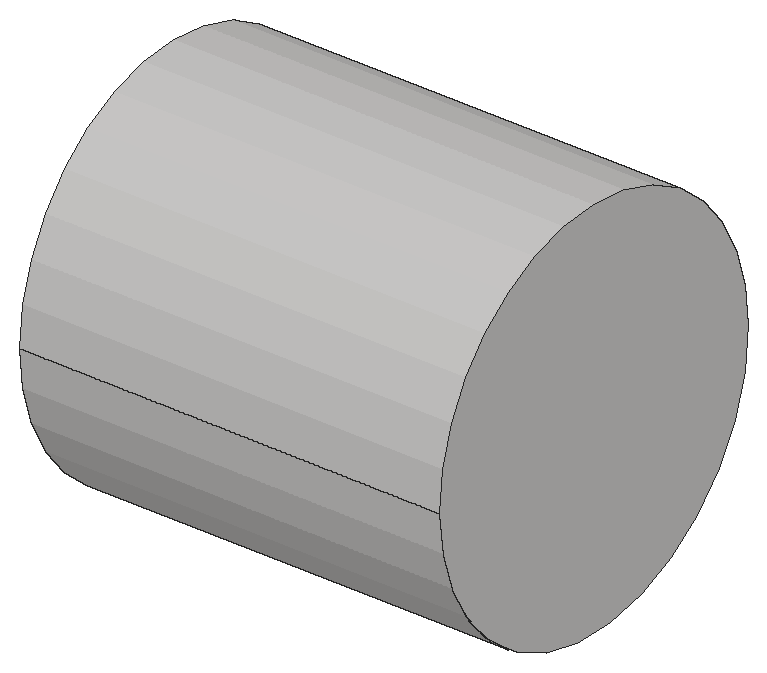
Revit family "Couplings-Shielded-Champion_Couplings-Transition-MI-HUB-TRT_Series", category Pipe Fittings, Revit 2014
Parameters (values of type "MI-HUB-TRT-150")
  Width B = 1.950"
  Width A = 1.950"
  Waste Connection = no
  Warranty Information = "1 Year Warranty"  # constant formula
  Vent Connection = no
  URL = "http://www.mifab.com"
  Tick Size = Width A * 0.4  # 0.780"
  Standard Listings & Approval = "CSA Approved, U.P.C. Approved"  # constant formula
  Product Page URL = "http://www.mifab.com/Catalog/No_Hub_Couplings/MIHUBTRT_SHIELDED_NO_HUB_TRANSITION_COUPLINGS__CI_PL_OR_ST_TO_TUBULAR.html"
  Product Documentation Link = "http://www.mifab.com/Catalog/Library/MI-HUB-TRT-spec_sheet.pdf"
  Price = "Prices may vary. Please consult Manufacturer Representative for most up-to-date price list."  # constant formula
  Pipe Size Description = "1 1/2\" CI / PL / ST x 1 1/2\" Tubular - Shielded Transition coupling"
  Pipe Outlet Connection Diameter = 1.500"
  Pipe Inlet Connection Diameter = 1.500"
  Pallet Quantity = "4800"  # constant formula
  Nominal Diameter = 1.750"
  Model = "MI-HUB-TRT"
  Material = "Metal-Champion Couplings-Stainless Steel"  # constant formula
  Masking Reg 2 = yes
  Masking Reg 1 = yes
  Manufacturer = "Champion Couplings"  # constant formula
  List Price (Each Piece) = 11
  Nominal Height = Height  # 2.130"
  Height = 2.130"
  HW Connection = no
  Description = "MIFAB® Series MI-HUB-TRT (specify size) shielded transition couplings are manufactured with gaskets made\r\nfrom an elastomeric compound that meets the requirements of ASTM C-564 housed inside a Type 300 stainless steel shield. Two\r\nType 300 stainless steel clamps tightened with 5/16” Type 300 stainless steel hex head screws surround the shield to provide the\r\nsealing force. The MI-HUB-TRT Series of shielded transition couplings are tested and certified to ASTM Standard 1460-2012 and\r\nCSA Standard B602-2010 and listed with I.A.P.M.O. All models are listed to the National Plumbing Code of Canada and relevant\r\nCanadian Standard(s) and bear the cUPC mark of conformity. Non constant temperature rating is 140 F."  # constant formula
  Creation Date = "\"2/25/2016\""
  Carton Quantity = "100"
  CW Connection = yes
  Assembly Code = "D2090800"
Types (4): name | Width B | Width A | Tick Size | Pipe Size Description | Pipe Inlet Connection Diameter | Masking Reg 2 | List Price (Each Piece)
  (no name) | 1.950" | 1.950" | 0.780" | "1 1/2\" CI / PL / ST x 1 1/2\" Tubular - Shielded Transition coupling" | 1.500" | yes | 11
  MI-HUB-TRT-150 | 1.950" | 1.950" | 0.780" | "1 1/2\" CI / PL / ST x 1 1/2\" Tubular - Shielded Transition coupling" | 1.500" | yes | 11
  MI-HUB-TRT-155 | 1.950" | 1.950" | 0.780" | "1 1/2\" Tubular x 1 1/2\" Tubular - Shielded Transition coupling" | 1.500" | no | 12.5
  MI-HUB-TRT-215 | 1.930" | 2.400" | 0.960" | "2\" CI / PL / ST x 1 1/2\" Tubular - Shielded Transition coupling" | 2.000" | no | 11
Reference planes (in)
  plane 1 "Center (Front/Back)": y = 0
  plane 2: z = 0
  plane 3 "Center (Left/Right)": x = 0
  plane 4: x = -1.065
  plane 5: x = 1.065
  plane 6: x = 1.065
  plane 7: y = 0.975
  plane 8: y = -0.975
  plane 9: y = 0.875
  plane 10: y = -0.875
  plane 11: y = 0.975
  plane 12: y = -0.975
  plane 13: y = -0.875
  plane 14: y = 0.875
Forms (in)
  Extrusion 1, solid, material "Metal-Champion Couplings-Stainless Steel"
    sketch origin (0, 0, 0) x (0, 1, 0) y (0, 0, 1)
      loop
        circle (0, 0) r 0.975
    from -1.065 to 1.065
  Revolve 2, solid, material "Metal-Champion Couplings-Stainless Steel"
    sketch origin (0, 0, 0) x (1, 0, 0) y (0, 1, 0)
      loop
        line (0, 0.975) -> (0, 0) -> (1.065, 0) -> (1.065, 0.875) -> (0.1, 0.875) -> (0, 0.975)
      axis (0, 0) -> (1.065, 0)
    angle from 0 to 360
Cuts and joins
  joined: Extrusion 1, Revolve 2
Lines and regions (in)
  Masking region 1, visible <- "Masking Reg 2", detail levels fine
    outline origin (0, 0, 0) x (1, 0, 0) y (0, 1, 0)
      loop
        line (-1.065, 0.975) -> (-1.065, -0.975) -> (0, -0.975) -> (0.1, -0.875) -> (1.065, -0.875) -> (1.065, 0.875) -> (0.1, 0.875) -> (0, 0.975) -> (-1.065, 0.975)
  Masking region 2, visible <- "Masking Reg 1", detail levels fine
    outline origin (0, 0, 0) x (1, 0, 0) y (0, 1, 0)
      loop
        line (-1.065, 0.975) -> (-1.065, -0.975) -> (1.065, -0.975) -> (1.065, 0.975) -> (-1.065, 0.975)
  model lines, detail levels coarse+medium
    curve 1: line (-1.065, 0.78, 0) -> (-1.065, -0.78, 0)
    curve 2: line (1.065, 0.78, 0) -> (1.065, -0.78, 0)
    curve 3: line (1.065, 0, 0) -> (-1.065, 0, 0)
Dimensions and locks (in)
  "Height": plane 4 to plane 5
  equal spacing: plane 4, plane 3 "Center (Left/Right)", plane 5
  "Tick Size": plane 1 "Center (Front/Back)" to curve 1
  "Tick Size": curve 1 to plane 1 "Center (Front/Back)"
  "Tick Size": plane 1 "Center (Front/Back)" to curve 2
  "Tick Size": curve 2 to plane 1 "Center (Front/Back)"
  "Nominal Height": plane 4 to plane 6
  "Width A": plane 8 to plane 7
  equal spacing: plane 8, plane 1 "Center (Front/Back)", plane 7
  "Nominal Diameter": plane 9 to plane 10
  equal spacing: plane 9, plane 1 "Center (Front/Back)", plane 10
  "Width A": plane 11 to plane 12
  "Nominal Diameter": plane 13 to plane 14
  equal spacing: plane 11, plane 1 "Center (Front/Back)", plane 12
  equal spacing: plane 13, plane 1 "Center (Front/Back)", plane 14
  "Width A": Masking region 2 sketch curve to Masking region 2 sketch curve
  equal spacing: Masking region 2 sketch curve, plane 1 "Center (Front/Back)", Masking region 2 sketch curve
  "Width A": diameter of Extrusion 1 sketch curve
  locked: plane 6 to Revolve 2 sketch curve (angle 45.00°)
  locked: plane 3 "Center (Left/Right)" to Masking region 1 sketch curve (angle 45.00°)
  locked: Masking region 1 sketch curve to plane 3 "Center (Left/Right)" (angle 45.00°)
  aligned and locked: Extrusion 1 to plane 4
  aligned and locked: curve 3 to plane 1 "Center (Front/Back)"
  aligned and locked: curve 1 to plane 4
  aligned and locked: plane 5 to curve 2
  aligned and locked: plane 6 to Extrusion 1
  aligned and locked: plane 3 "Center (Left/Right)" to Revolve 2 sketch curve
  aligned and locked: plane 7 to Revolve 2 sketch curve
  aligned and locked: plane 5 to Revolve 2 sketch curve
  aligned and locked: Revolve 2 sketch curve to plane 1 "Center (Front/Back)"
  aligned and locked: Revolve 2 sketch curve to plane 9
  aligned and locked: Masking region 1 sketch curve to plane 11
  aligned and locked: Masking region 1 sketch curve to plane 12
  aligned and locked: plane 4 to Masking region 1 sketch curve
  aligned and locked: plane 14 to Masking region 1 sketch curve
  aligned and locked: Masking region 1 sketch curve to plane 13
  aligned and locked: plane 5 to Masking region 1 sketch curve
  aligned and locked: plane 4 to Masking region 2 sketch curve
  aligned and locked: plane 5 to Masking region 2 sketch curve
Automatic sketch dimensions
  Extrusion 1 sketch curve to level = 0.000"
  Extrusion 1 sketch curve to plane 1 "Center (Front/Back)" = 0.000"
  plane 1 "Center (Front/Back)" to Revolve 2 sketch curve = 0.000"
  Revolve 2 sketch curve to plane 4 = 0.250"
  Revolve 2 sketch curve to Revolve 2 sketch curve = 0.750"
  Masking region 1 sketch curve to plane 3 "Center (Left/Right)" = 0.000"  (x2)
Connectors (in)
  piping at (-1.065, 0, 0), diameter 1.5, driven by "Pipe Inlet Connection Diameter"
    settings: on Extrusion 1, index 1, connector inside diameter 24", connector length 0.000", flow factor 0, pipe flow 0 GPM, pressure drop 0.00 psi, fitting loss kfactor 0, connector angle 0.00°, fixture units 0, engagement length 0.000", angle of deflection 0.00°, flow configuration 0, flow direction 0, fitting loss method 0, system type 28, joint type 0, gender type 0, connector reference index -1, connector utility 0, adjustable connector no, is connector primary yes, connector description ""
  piping at (1.065, 0, 0), diameter 1.5, driven by "Pipe Outlet Connection Diameter"
    settings: on Revolve 2, index 2, connector inside diameter 24", connector length 0.000", flow factor 0, pipe flow 0 GPM, pressure drop 0.00 psi, fitting loss kfactor 0, connector angle 0.00°, fixture units 0, engagement length 0.000", angle of deflection 0.00°, flow configuration 0, flow direction 0, fitting loss method 0, system type 28, joint type 0, gender type 0, connector reference index -1, connector utility 0, adjustable connector no, is connector primary no, connector description ""
